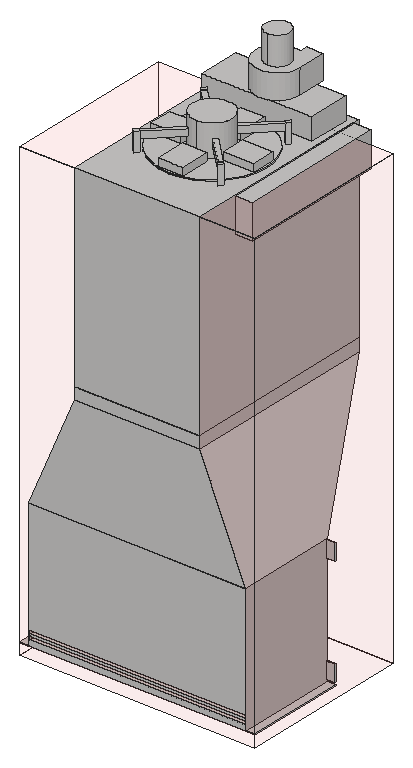
Revit family "Air-Curtain_Industrial_PoweredAire_Gas-Indirect-1Heater", category Mechanical Equipment, host Face, Revit 2019
Family settings
  Host = Face
  Round Connector Dimension = Use Diameter
  Part Type = Normal
  OmniClass Number = 23.75.35.17.21
  OmniClass Title = Air Curtains
  Cut with Voids When Loaded = No
  Shared = No
  Room Calculation Point = No
Parameters
  topbracket [instance] = Unit Height = 1' 4 3/4"  # yes
  Warranty Duration (Years) = 0
  Unit Width Notes = "Other Widths available."  # constant formula
  Unit Width = 3' - 3"
  Unit Weight = 0
  Unit Height = 1' - 4 3/4"
  Unit Depth = 1' - 9 1/4"
  URL = "http://www.poweredaire.com/"
  Test Data = ""
  Standards Conformance = "as Specified"
  Specification = "http://www.arcat.com/sdspecs/htm04/23_34_33pai.htm"
  SpecWizard = ""
  Sound Pressure = "as Specified"
  Sales Information = "http://www.poweredaire.com/contact_us"
  Revision = "R1_2016-08"
  Projection from Host [instance] = 0' - 2"
  Product Properties = ""
  Product Data = "http://www.arcat.com/arcatcos/cos47/arc47623.html"
  Power Rating = 0 W
  Piping_Operating Pressure [instance] = 0.00 psi
  Pipe OD [instance] = 5/8"
  Overall Depth = 6' - 1 3/4"
  Nozzle Width = if(1 = 1, Unit Width - 0' 3", 0' 0")  # 3' - 0"
  Mounting Width = if(1 = 1, Unit Width - 0' 1 1/2", 0' 0")  # 3' - 1 1/2"
  Mounting Height [instance] = 3' - 6"
  Motor RPM = 0
  Motor HP = 0
  Motor Count = 0
  Model = "As Specified"
  Max Height = 0' - 0"
  Manufacturer Website = "http://www.poweredaire.com/"
  Manufacturer Phone - Toll Free = "888-321-2473"
  Manufacturer Phone = "724-588-3305"
  Manufacturer Fax = "724-588-3371"
  Manufacturer Address = "109 Mortensen Rd.  Greenville, PA 16125"
  Manufacturer = "Powered Aire, Inc"
  Maintenance Schedule (Months) = 0
  Keynote = "23 34 33"
  Installation-Fabrication = ""
  Installation Phase = ""
  Include Clearance [instance] = yes
  Heating Element Load = 0 W
  Heater Weight = 0
  Heater Hanging Width = 1' - 6 5/8"
  Heater Finish [instance] = Metal - Steel - PoweredAire - Stainless 304
  HVAC_Temperature Rise = 0 °F
  HVAC_Primary CFM = 0 CFM
  HVAC_Outlet Volume = 0 CFM
  HVAC_Outlet Velocity Uniformity = 0
  HVAC_Outlet Velocity = 0 FPM
  HVAC_Exit Temperature [instance] = 0 °F
  HVAC_BTU Output = 0.0 Btu/h
  HVAC_BTU Input = 0.0 Btu/h
  Green Building-LEED = "http://www.arcat.com/green/clients/leed_data_47623.html"
  Gas Connection Diameter [instance] = 0"
  Frame Finish [instance] = Metal - Steel - PoweredAire - Stainless 304
  Expected Lifespan (Years) = 0
  Exhaust Connection Diameter = 0' - 5"
  Electrical_Wattage [instance] = Power Rating + Heating Element Load  # 0 W
  Electrical_Voltage [instance] = 0 V
  Electrical_Phase [instance] = 1
  Electrical_Frequency [instance] = 0 Hz
  Electrical_Amperage [instance] = 0 A
  Drawn By = "Sumex Design, Inc. / Robert S. Weygant, CSI, CDT, SCIP"
  Description = "Powered Aire Air Curtain as Specified"
  Default Elevation = 0' - 0"  # constant formula
  Copyright = "©Arcat Inc."
  Construction Details = "http://www.arcat.com/details/powair/prod3336.html"
  Clearance_Top [instance] = 1' - 0"
  Clearance_Side B [instance] = 0' - 0"
  Clearance_Side A [instance] = 0' - 0"
  Clearance_Intake [instance] = 0' - 0"
  Clearance_Bottom [instance] = 0' - 0"
  Clearance Material [instance] = ARCAT Clearance
  Building Codes = ""
  Available Options [instance] = "as Specified"
  Assembly Code = "D3090400"
Reference planes (in)
  plane 1 "Center (Elevation)": y = 0.13818
  plane 2: z = 0
  plane 3 "Center (Left/Right)": x = 0
  plane 4 "Top": y = 8.51318
  plane 5: y = -8.23682
  plane 6: x = -19.5
  plane 7: x = 19.5
  plane 8 "Front": z = 23.25
  plane 9 "FF": y = -41.86182
  plane 10: z = 2
  plane 11: x = 18
  plane 12: x = -18
  plane 13: y = 20.51318
  plane 14: y = -8.23682
  plane 15: x = -19.5
  plane 16: x = 19.5
  plane 17: z = 75.75
  plane 18: x = 17.9375
  plane 19: x = -17.9375
  plane 20: x = 18
  plane 21: x = 18
  plane 22: y = 6.01318
  plane 23: y = -5.73682
  plane 24: x = -9.3125
  plane 25: x = 9.3125
  plane 26: x = -10.375
  plane 27: x = 10.375
  plane 28: z = 75.75
  plane 29: z = 43.25
  plane 30: z = 41.25
Forms (in)
  Extrusion 1, solid, material "Metal - Steel - PoweredAire - Stainless 304" <- "Frame Finish"
    sketch origin (0, 0, 0) x (0, 1, 0) y (0, 0, 1)
      loop
        line (-8.23682, 2) -> (8.51318, 2) -> (8.51318, 23.25) -> (-8.23682, 23.25) -> (-8.23682, 2)
    from -18 to 18
  Extrusion 2, solid, material "ARCAT Clearance" <- "Clearance Material", visible <- "Include Clearance"
    sketch origin (0, 0, 0) x (0, 1, 0) y (0, 0, 1)
      loop
        line (-8.23682, 75.75) -> (-8.23682, 0) -> (20.51318, 0) -> (20.51318, 75.75) -> (-8.23682, 75.75)
    from -19.5 to 19.5
  Extrusion 3, solid, material "Metal - Steel - PoweredAire - Stainless 304" <- "Frame Finish"
    sketch origin (-15.17702, -180, 2) x (-1, 0, 0) y (0, -1, 0)
      loop
        line (-33.17702, -188.51318) -> (-33.17702, -171.76318) -> (-34.67702, -171.76318) -> (-34.67702, -188.51318) -> (-33.17702, -188.51318)
      loop
        line (2.82298, -188.51318) -> (4.32298, -188.51318) -> (4.32298, -171.76318) -> (2.82298, -171.76318) -> (2.82298, -188.51318)
    from 0 to 0.125
  Extrusion 4, solid, material "Metal - Steel - PoweredAire - Stainless 304" <- "Frame Finish", visible <- "topbracket"
    sketch origin (-11.83813, 8.51318, 48) x (-1, 0, 0) y (0, 0, 1)
      loop
        line (-29.83813, -45.5) -> (-29.83813, -42.75) -> (-31.33813, -42.75) -> (-31.33813, -45.5) -> (-29.83813, -45.5)
      loop
        line (-29.83813, -27.5) -> (-29.83813, -24.75) -> (-31.33813, -24.75) -> (-31.33813, -27.5) -> (-29.83813, -27.5)
      loop
        line (6.16187, -45.5) -> (7.66187, -45.5) -> (7.66187, -42.75) -> (6.16187, -42.75) -> (6.16187, -45.5)
      loop
        line (6.16187, -27.5) -> (7.66187, -27.5) -> (7.66187, -24.75) -> (6.16187, -24.75) -> (6.16187, -27.5)
    from 0 to -0.125
  Extrusion 5, void
    sketch origin (0, 0, 0) x (0, 1, 0) y (0, 0, 1)
      loop
        line (-8.23682, 3) -> (-7.23682, 3) -> (-7.23682, 4.5) -> (-8.23682, 4.5) -> (-8.23682, 3.82425) -> (-7.38364, 3.82425) -> (-7.38364, 3.57425) -> (-8.23682, 3.57425) -> (-8.23682, 3)
    from -17.9375 to 17.9375
  Blend 6, solid, material "Metal - Steel - PoweredAire - Stainless 304" <- "Frame Finish"
    base sketch origin (-15.17702, -180, 23.25) x (-1, 0, 0) y (0, -1, 0)
      loop
        line (2.82298, -188.51318) -> (2.82298, -171.76318) -> (-33.17702, -171.76318) -> (-33.17702, -188.51318) -> (2.82298, -188.51318)
    top sketch origin (-15.17702, -180, 23.25) x (-1, 0, 0) y (0, -1, 0)
      loop
        line (-4.80202, -171.76318) -> (-25.55202, -171.76318) -> (-25.55202, -204.76318) -> (-4.80202, -204.76318) -> (-4.80202, -171.76318)
    from 0 to 18
Cuts and joins
  Extrusion 5 cuts Extrusion 1
Dimensions and locks (in)
  equal spacing: plane 4 "Top", plane 1 "Center (Elevation)", plane 5
  "Unit Height": plane 4 "Top" to plane 5
  equal spacing: plane 6, plane 3 "Center (Left/Right)", plane 7
  "Unit Width": plane 6 to plane 7
  "Mounting Height": plane 1 "Center (Elevation)" to plane 9 "FF"
  "Projection from Host": plane 10 to level
  "Unit Depth": plane 8 "Front" to plane 10
  locked: plane 6 to plane 12 at 1.5
  locked: plane 11 to plane 7 at 1.5
  "Clearance_Side A": plane 7 to plane 16
  "Clearance_Side B": plane 15 to plane 6
  "Clearance_Top": plane 13 to plane 4 "Top"
  "Clearance_Bottom": plane 5 to plane 14
  "Clearance_Intake": plane 17 to plane 28
  Extrusion 5 sketch curve to Extrusion 5 sketch curve to Extrusion 5 sketch curve to Extrusion 5 sketch curve to plane 10 = 0' - 0.67575" locked, 0' - 0 1/4" locked, 0' - 0.57425" locked, 0' - 1" locked
  plane 5 to Extrusion 5 sketch curve to Extrusion 5 sketch curve = 0' - 0.85319" locked, 0' - 0.14681" locked
  locked: plane 19 to plane 12 at 0.0625
  locked: plane 11 to plane 18 at 0.0625
  locked: plane 20 to plane 11
  locked: plane 21 to plane 11
  locked: plane 4 "Top" to plane 22 at 2.5
  locked: plane 23 to plane 5 at 2.5
  equal spacing: plane 24, plane 3 "Center (Left/Right)", plane 25
  "Heater Hanging Width": plane 24 to plane 25
  locked: plane 25 to plane 27 at 1.0625
  locked: plane 26 to plane 24 at 1.0625
  "Overall Depth": plane 28 to plane 10
  locked: plane 29 to plane 30 at 2
  locked: plane 28 to plane 29 at 32.5
  locked: Blend 6 sketch curve to plane 5 at 33
  Extrusion 4 sketch curve to Extrusion 4 sketch curve to plane 10 = 0' - 2 3/4" locked, 0' - 0 1/2" locked  (x2)
  plane 8 "Front" to Extrusion 4 sketch curve to Extrusion 4 sketch curve = 0' - 0" locked, 0' - 2 3/4" locked  (x2)
  aligned and locked: plane 2 to host face
  aligned and locked: level to host face
  aligned and locked: Extrusion 2 sketch curve to plane 17
  aligned and locked: plane 14 to Extrusion 2 sketch curve
  aligned and locked: level to Extrusion 2 sketch curve
  aligned and locked: Extrusion 2 sketch curve to plane 13
  aligned and locked: plane 16 to Extrusion 2
  aligned and locked: Extrusion 2 to plane 15
  aligned and locked: plane 11 to Extrusion 1
  aligned and locked: Extrusion 1 to plane 12
  aligned and locked: Extrusion 1 sketch curve to plane 8 "Front"
  aligned and locked: plane 28 to nested 1
  aligned and locked: Blend 6 sketch curve to plane 5  (x2)
  aligned and locked: plane 12 to Blend 6 sketch curve
  aligned and locked: Blend 6 sketch curve to plane 11
  aligned and locked: Blend 6 sketch curve to plane 4 "Top"
  aligned and locked: Blend 6 sketch curve to plane 26
  aligned and locked: plane 27 to Blend 6 sketch curve
  aligned and locked: plane 30 to Blend 6
  aligned and locked: plane 3 "Center (Left/Right)" to nested 1
  aligned and locked: plane 18 to cut or joined group of Extrusion 1, Extrusion 5
  aligned and locked: cut or joined group of Extrusion 1, Extrusion 5 to plane 19
Automatic sketch dimensions
  host sketch curve to host sketch curve = 8' - 0"  (x2)
  plane 4 "Top" to Extrusion 3 sketch curve = 0' - 0"
  Extrusion 3 sketch curve to plane 7 = 0' - 0"
  plane 5 to Extrusion 3 sketch curve = 0' - 0"
  Extrusion 3 sketch curve to plane 11 = 0' - 0"
  Extrusion 3 sketch curve to plane 4 "Top" = 0' - 0"
  Extrusion 3 sketch curve to plane 12 = 0' - 0"
  Extrusion 3 sketch curve to plane 6 = 0' - 0"
  Extrusion 3 sketch curve to plane 5 = 0' - 0"
  Extrusion 4 sketch curve to plane 7 = 0' - 0"  (x2)
  Extrusion 4 sketch curve to plane 11 = 0' - 0"  (x2)
  Extrusion 4 sketch curve to plane 12 = 0' - 0"  (x2)
  Extrusion 4 sketch curve to plane 6 = 0' - 0"  (x2)
  Extrusion 5 sketch curve to plane 5 = 0' - 0"  (x2)
  Extrusion 1 sketch curve to plane 5 = 0' - 0"
  Extrusion 1 sketch curve to plane 4 "Top" = 0' - 0"
  Extrusion 1 sketch curve to plane 10 = 0' - 0"
Nested families (in)
  nested 1: "Heater" at (0, -8.23682, 43.2987) x (1, 0, 0) z (0, 1, 0), finish <- "Heater Finish", burner width <- "Heater Hanging Width", type "Heater"
    with finish Metal - Steel - PoweredAire - Stainless 304, burner width 1' - 6 5/8", Two Fan no, One Fan yes
Connectors (in)
  electrical at (-18, 0.13818, 12.625), driven by "Electrical_Voltage", driven by "Electrical_Phase"
    settings: on cut or joined group of Extrusion 1, Extrusion 5, index 3, voltage 0 V, apparent load 0 VA, apparent load phase1 0 VA, apparent load phase2 0 VA, apparent load phase3 0 VA, power factor 1, load classification "Motor", number of poles 1, system type 31, power factor state 1, is connector primary yes, connector utility no, sub classification motor no, connector description ""
  hvac at (3, 24.76318, 81.40625), driven by "Exhaust Connection Diameter", driven by "HVAC_Primary CFM"
    settings: on nested 1, index 4, duct flow 0 CFM, flow factor 0, pres drop 0.00 in-wg, loss coef 0, conn angle 0.00°, conn width 12", conn height 12", conn diameter 5", duct sys type 3, conn prof type 0, flow config 0, flow direction 2, loss method 0, conn ref index -1, conn util no, is conn primary yes, conn desc ""
Definition of nested family "Heater"
  Parameters
    finish [instance] = none
    burner width [instance] = 4' - 0 5/8"
    burner depth = 3' - 8 3/4"
    Two Fan [instance] = burner width > 4' 0"  # yes
    One Fan [instance] = burner width < 4' 0"  # no
    Default Elevation = 0' - 0"  # constant formula
  Reference planes (in)
    plane 1 "Center (Front/Back)": y = 0
    plane 2: z = 0
    plane 3 "Center (Left/Right)": x = 0
    plane 4: x = -25.375
    plane 5: x = 25.375
    plane 6: z = 33
    plane 7: y = -44.75
    plane 8: x = 3
    plane 9: x = 4.375
    plane 10: x = -12.6875
    plane 11: x = 12.6875
    plane 12: z = 15.5
    plane 13: x = -24.3125
    plane 14: x = 24.3125
  Forms (in)
    Extrusion 1, solid, material <- "finish"
      sketch origin (-74.94554, -3, 38.65968) x (0, 0, 1) y (1, 0, 0)
        loop
          line (-5.65968, 49.57054) -> (-5.65968, 100.32054) -> (-38.65968, 100.32054) -> (-38.65968, 49.57054) -> (-5.65968, 49.57054)
      from 3 to -29.4513
    Extrusion 2, solid, material <- "finish"
      sketch origin (0, 0, 0) x (0, 1, 0) y (0, 0, 1)
        loop
          line (2, 0) -> (2, 33) -> (0, 33) -> (0, 0) -> (2, 0)
      from -25.375 to 25.375
    Extrusion 3, solid, material <- "finish"
      sketch origin (-74.94554, -32.4513, 38.65968) x (0, 0, 1) y (1, 0, 0)
        loop
          line (-6.91591, 50.82971) -> (-6.91591, 99.10844) -> (-13.91591, 99.10844) -> (-13.91591, 50.82971) -> (-6.91591, 50.82971)
      from 0 to -3.625
    Extrusion 4, solid, material <- "finish"
      sketch origin (-74.94554, -36.0763, 38.65968) x (0, 0, 1) y (1, 0, 0)
        loop
          arc (-10.4052, 79.32054) -> (-12.67312, 72.60509) -> (-6.79809, 76.57054) r 3.74068
          line (-6.79809, 76.57054) -> (-5.65968, 76.57054) -> (-5.65968, 79.32054) -> (-10.4052, 79.32054)
      from 0 to -4.0625
    Extrusion 5, solid, material <- "finish"
      sketch origin (-73.58006, -40.1388, 35.52564) x (0, 0, -1) y (1, 0, 0)
        loop
          circle (7.27116, 74.21438) r 2
      from 4.6112 to 0
    Extrusion 6, solid, material <- "finish"
      sketch origin (0, 0, 0) x (1, 0, 0) y (0, 1, 0)
        loop
          line (28.3125, -32.4513) -> (28.3125, -26.7013) -> (25.3125, -26.7013) -> (25.3125, -32.4513) -> (28.3125, -32.4513)
      from 7.25 to 31.75
    Extrusion 7, solid, material <- "finish", visible <- "Two Fan"
      sketch origin (0, 0, 0) x (0, 1, 0) y (0, 0, 1)
        loop
          line (-32.4513, 6.22268) -> (-44.15658, 5.1986) -> (-44.15658, 4.4486) -> (-32.4513, 4.85736) -> (-32.4513, 6.22268)
      from -25.375 to 25.375
  Dimensions and locks (in)
    locked: Extrusion 4 sketch curve to Extrusion 4 sketch curve at 2.75
    "burner width": plane 13 to plane 14
    locked: plane 6 to level at 33
    "burner depth": plane 7 to plane 1 "Center (Front/Back)"
    locked: plane 8 to plane 9 at 1.375
    Extrusion 4 sketch curve to Extrusion 4 sketch curve to plane 8 = 0' - 0.99068" locked, 0' - 1 3/8" locked
    locked: Extrusion 5 sketch curve to plane 8 at 2.36568
    locked: plane 8 to plane 3 "Center (Left/Right)" at 3
    Extrusion 6 sketch curve to plane 5 to Extrusion 6 sketch curve = 0' - 0 1/16" locked, 0' - 2 15/16" locked
    equal spacing: plane 5, plane 11, plane 3 "Center (Left/Right)", plane 10, plane 4
    locked: plane 4 to plane 13 at 1.0625
    locked: plane 14 to plane 5 at 1.0625
    aligned and locked: plane 2 to level
    aligned: Extrusion 4 to Extrusion 5
    aligned: Extrusion 3 to Extrusion 2  (x2)
    aligned and locked: plane 7 to Extrusion 5
    aligned and locked: plane 4 to Extrusion 1 sketch curve
    aligned and locked: Extrusion 1 sketch curve to plane 5
    aligned and locked: Extrusion 7 to plane 4
    aligned and locked: plane 5 to Extrusion 7
    aligned and locked: plane 12 to nested 1
    aligned and locked: plane 3 "Center (Left/Right)" to nested 1
    aligned and locked: plane 12 to nested 3
    aligned and locked: plane 11 to nested 3
    aligned and locked: plane 10 to nested 2
    aligned and locked: plane 12 to nested 2
    aligned and locked: plane 5 to Extrusion 2
    aligned and locked: Extrusion 2 to plane 4
  Automatic sketch dimensions
    Extrusion 1 to Extrusion 3 sketch curve = 0' - 1.25917"
    Extrusion 1 to Extrusion 3 sketch curve = 0' - 8.25624"
    Extrusion 1 to Extrusion 3 sketch curve = 0' - 1.2121"
    Extrusion 1 to Extrusion 3 sketch curve = 0' - 1.25624"
    Extrusion 4 sketch curve to Extrusion 3 = 0' - 0.11782"
    Extrusion 4 sketch curve to Extrusion 3 = 0' - 1.25624"
    Extrusion 5 sketch curve to Extrusion 4 = 0' - 4.74552"
    Extrusion 1 sketch curve to level = 0' - 0"
    Extrusion 1 sketch curve to plane 6 = 0' - 0"
    Extrusion 2 sketch curve to level = 0' - 0"
    Extrusion 2 sketch curve to plane 1 "Center (Front/Back)" = 0' - 0"
    Extrusion 2 sketch curve to plane 6 = 0' - 0"
    Extrusion 2 sketch curve to Extrusion 2 sketch curve = 0' - 2"
    Extrusion 6 sketch curve to plane 7 = 1' - 0.2987"
    Extrusion 6 sketch curve to Extrusion 6 sketch curve = 0' - 5 3/4"
    Extrusion 7 sketch curve to plane 7 = 0' - 0.59342"
    level to Extrusion 7 sketch curve = 0' - 4.4486"
    Extrusion 7 sketch curve to Extrusion 7 sketch curve = 0' - 0 3/4"
    level to Extrusion 7 sketch curve = 0' - 4.85736"
    Extrusion 7 sketch curve to Extrusion 7 sketch curve = 0' - 11.70529"
    Extrusion 7 sketch curve to Extrusion 7 sketch curve = 0' - 1.36532"
    radius of Extrusion 5 sketch curve = 0' - 2"
  Nested families (in)
    nested 1: "FanControls" at (0, -32.4513, 15.5) x (1, 0, 0) z (0, -1, 0), finish <- "finish", visible <- "One Fan", type "FanControls"
      with finish none
    nested 2: "FanControls" at (-12.6875, -32.4513, 15.5) x (1, 0, 0) z (0, -1, 0), finish <- "finish", visible <- "Two Fan", type "FanControls"
      with finish none
    nested 3: "FanControls" at (12.6875, -32.4513, 15.5) x (1, 0, 0) z (0, -1, 0), finish <- "finish", visible <- "Two Fan", type "FanControls"
      with finish none
  Definition of nested family "FanControls"
    Parameters
      finish [instance] = none
      Default Elevation = 4' - 0"
    Reference planes (in)
      plane 1 "Center (Front/Back)": y = 0
      plane 2: z = 0
      plane 3 "Center (Left/Right)": x = 0
    Forms (in)
      Extrusion 1, solid, material <- "finish"
        sketch origin (-75.00804, 32.07233, 0) x (1, 0, 0) y (0, -1, 0)
          loop
            circle (75.00804, 32.07233) r 3.25
        from -5.33075 to 0
      Extrusion 2, solid, material <- "finish"
        sketch origin (24.44581, -78.06044, 0) x (1, 0, 0) y (0, -1, 0)
          loop
            line (-22.50831, -86.58776) -> (-22.50831, -81.58776) -> (-26.50831, -81.58776) -> (-26.50831, -86.58776) -> (-22.50831, -86.58776)
          loop
            line (-22.50831, -69.53312) -> (-26.50831, -69.53312) -> (-26.50831, -74.53312) -> (-22.50831, -74.53312) -> (-22.50831, -69.53312)
          loop
            line (-15.98099, -76.06044) -> (-20.98099, -76.06044) -> (-20.98099, -80.06044) -> (-15.98099, -80.06044) -> (-15.98099, -76.06044)
          loop
            line (-33.03563, -76.06044) -> (-33.03563, -80.06044) -> (-28.03563, -80.06044) -> (-28.03563, -76.06044) -> (-33.03563, -76.06044)
        from 0 to -1.37288
      Extrusion 3, solid, material <- "finish"
        sketch origin (-75.00804, 21.40968, 0) x (1, 0, 0) y (0, -1, 0)
          loop
            line (68.02536, 14.95733) -> (68.55569, 14.427) -> (75.00804, 20.87935) -> (81.46039, 14.427) -> (81.99072, 14.95733) -> (75.53837, 21.40968) -> (81.99072, 27.86203) -> (81.46039, 28.39236) -> (75.00804, 21.94001) -> (68.55569, 28.39236) -> (68.02536, 27.86203) -> (74.47771, 21.40968) -> (68.02536, 14.95733)
        from -3.1123 to -2
      Extrusion 4, solid, material <- "finish"
        sketch origin (-75.00804, 21.40968, 0) x (1, 0, 0) y (0, -1, 0)
          loop
            line (68.02536, 13.89667) -> (68.55569, 14.427) -> (68.02536, 14.95733) -> (67.49503, 14.427) -> (68.02536, 13.89667)
          loop
            line (82.52105, 14.427) -> (81.99072, 14.95733) -> (81.46039, 14.427) -> (81.99072, 13.89667) -> (82.52105, 14.427)
          loop
            line (81.99072, 28.92269) -> (81.46039, 28.39236) -> (81.99072, 27.86203) -> (82.52105, 28.39236) -> (81.99072, 28.92269)
          loop
            line (67.49503, 28.39236) -> (68.02536, 27.86203) -> (68.55569, 28.39236) -> (68.02536, 28.92269) -> (67.49503, 28.39236)
        from 0 to -3.1123
      Extrusion 5, solid, material <- "finish"
        sketch origin (0, 0, 0) x (1, 0, 0) y (0, 1, 0)
          loop
            circle (0, 0) r 9
        from 0 to 0.14961
    Dimensions and locks (in)
      Extrusion 4 sketch curve to Extrusion 4 sketch curve to Extrusion 4 sketch curve to Extrusion 4 sketch curve = 0' - 0.53033" locked, 0' - 0" locked, 0' - 0.53033" locked  (x4)
      Extrusion 3 sketch curve to Extrusion 3 sketch curve to Extrusion 3 sketch curve to Extrusion 3 sketch curve to Extrusion 3 sketch curve = 0' - 5.92202" locked, 0' - 0" locked, 0' - 0.53033" locked, 0' - 0" locked
      Extrusion 3 sketch curve to Extrusion 3 sketch curve to Extrusion 3 sketch curve to Extrusion 3 sketch curve to Extrusion 3 sketch curve = 0' - 0" locked, 0' - 0.53033" locked, 0' - 0" locked, 0' - 5.92202" locked
      locked: Extrusion 2 sketch curve to Extrusion 2 sketch curve at 5  (x2)
      aligned and locked: plane 2 to level
